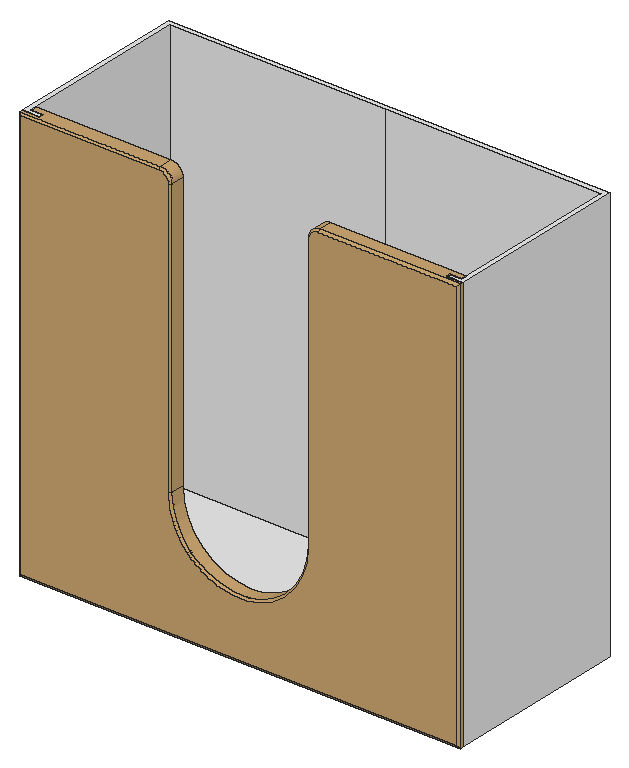
Revit family "Sanitary_Dispenser_Dandent_HDH100_Towel-Dispenser", category Furniture, Revit 2017
Family settings
  OmniClass Number = 23.40.70.11.14.21
  OmniClass Title = Health Care Furniture
  Work Plane-Based = No
  Always vertical = Yes
  Cut with Voids When Loaded = No
  Shared = No
  Room Calculation Point = No
Parameters (values of type "Towel dispenser - HDH100")
  WarrantyStartDate [instance] = "n/a"
  WarrantyGuarantorParts = "n/a"
  WarrantyGuarantorLabor = "n/a"
  WarrantyDurationUnit = "Year"
  WarrantyDurationParts = "n/a"
  WarrantyDurationLabor = "n/a"
  WarrantyDescription = "n/a"
  VersionDate = "12/09/2019"  # constant formula
  Version = "1"  # constant formula
  Uniclass2015Reference = "Pr_40_70_22_62"
  Uniclass2015Description = "Paper towel dispensers"
  Uniclass2 = "Pr_40_70_77_61"
  URL = "https://www.dandent.se/produkter/tillbehor"
  Type Comments = ""
  TagNumber [instance] = "n/a"
  SustainabilityPerformance = "n/a"
  Style = "n/a"
  Size = "265x113x250 mm"
  Shape = "Rectangular"
  SerialNumber [instance] = "n/a"
  Revision = "n/a"
  ReplacementCost = "n/a"
  ProductInformation = "n/a"
  Product data url = "https://www.bimobject.com/dandent/product/towel_holder_hdh100"
  NominalLength = 265 mm
  NominalHeight = 250 mm
  NominalDepth = 113 mm
  Name = "Dandent_HDH100_Towel-Dispenser"
  NBSReference = "45-35-72/344"
  NBSDescription = "Paper towel dispensers"
  ModelReference = "n/a"
  ModelNumber = "HDH100"
  Material = "Plastic, wood"
  ManufacturerURL = "https://www.dandent.se/"
  ManufacturerName = "Dandent"
  Model = "Towel dispenser - HDH100"
  Manufacturer = "Dandent"
  MainColor = "White"
  InstallationDate [instance] = "n/a"
  IfcExportType = "UNDEFINED"  # constant formula
  IfcExportAs = "IfcFurnitureType"  # constant formula
  Grade = "n/a"
  Finish = "Front in white or compact laminate wood. Available in beech, birch and oak."
  Features = "n/a"
  ExpectedLife = "n/a"
  DurationUnit = "Year"
  DispenserSecondaryMaterial = Plastic, Opaque White
  DispenserMainMaterial [instance] = Glue-Laminated Timber
  Cost = 0
  ConvergoRefNr = "0151-1909-0004-SE"
  Constituents = "n/a"
  Color = "White"
  CodePerformance = "n/a"
  Barcode [instance] = "n/a"
  AssetIdentifier [instance] = "n/a"
  Category = "Paper towel dispensers"
  Brand = "Dandent"
  BIMObjectName = "Sanitary_Dispenser_Dandent_HDH100_Towel-Dispenser"
  Author = "Convergo AB"  # constant formula
  AssetType = "Movable"
  AccessibilityPerformance = "n/a"
Reference planes
  plane 1 "Center (Front/Back)": y = 0
  plane 2: z = 0
  plane 3 "Center (Left/Right)": x = 0
  plane 4: x = -132.5
  plane 5: x = 132.5
  plane 6: y = 56.5
  plane 7: y = -56.5
  plane 8: z = 250
Dimensions and locks
  equal spacing: plane 4, plane 3 "Center (Left/Right)", plane 5
  "NominalLength": plane 4 to plane 5
  equal spacing: plane 6, plane 1 "Center (Front/Back)", plane 7
  "NominalDepth": plane 6 to plane 7
  "NominalHeight": plane 8 to level
  aligned and locked: level to plane 2
Nested families
  nested 1: "Handdukshållare, HDH100" at (0, 0, 0), Main <- "DispenserMainMaterial", Secondary <- "DispenserSecondaryMaterial", type "Handdukshållare, HDH100"
    with Secondary Plastic, Opaque White, Main Glue-Laminated Timber
Definition of nested family "Handdukshållare, HDH100"
  Parameters (values of type "Handdukshållare, HDH100")
    Secondary [instance] = none
    Main [instance] = none
  Reference planes
    plane 1 "Center (Front/Back)": y = 0
    plane 2: z = 0
    plane 3 "Center (Left/Right)": x = 0
    plane 4: x = -132.5
    plane 5: x = 132.5
    plane 6: z = 250
    plane 7: y = 56.5
    plane 8: y = -56.5
  Forms (mm)
    Extrusion 1, solid, material <- "Main", detail levels coarse
      sketch origin (0, 0, 0) x (1, 0, 0) y (0, 1, 0)
        loop
          line (-132.5, 56.5) -> (-132.5, -56.5) -> (132.5, -56.5) -> (132.5, 56.5) -> (-132.5, 56.5)
      from 0 to 250
    Extrusion 2, solid, material <- "Secondary", detail levels medium+fine
      sketch origin (0, 0, 0) x (1, 0, 0) y (0, 1, 0)
        loop
          line (-122.5, -51) -> (-129.5, -51) -> (-129.5, 53.5) -> (0, 53.5) -> (129.5, 53.5) -> (129.5, -51) -> (122.5, -51) -> (122.5, -53.5) -> (132.5, -53.5) -> (132.5, 56.5) -> (0, 56.5) -> (-132.5, 56.5) -> (-132.5, -53.5) -> (-122.5, -53.5) -> (-122.5, -51)
      from 0 to 250
    Extrusion 3, solid, material <- "Secondary", detail levels medium+fine
      sketch origin (0, 0, 0) x (1, 0, 0) y (0, 1, 0)
        loop
          line (-132.5, 56.5) -> (-132.5, -51) -> (132.5, -51) -> (132.5, 56.5) -> (-132.5, 56.5)
      from 0 to 3
    Extrusion 4, solid, material <- "Main", detail levels medium+fine
      sketch origin (0, 0, 0) x (1, 0, 0) y (0, 0, 1)
        loop
          line (-41, 77.053) -> (-41, 242.975)
          arc (-41, 242.975) -> (-43.058, 247.942) -> (-48.025, 250) r 7.025
          line (-48.025, 250) -> (-132.5, 250) -> (-132.5, 0) -> (132.5, 0) -> (132.5, 250) -> (48, 250)
          arc (48, 250) -> (43.05, 247.95) -> (41, 243) r 7
          line (41, 243) -> (41, 77.053)
          arc (41, 77.053) -> (0, 36.053) -> (-41, 77.053) r 41
      from 47.5 to 56.5
    Extrusion 5, void
      sketch origin (0, 0, 0) x (1, 0, 0) y (0, 1, 0)
        loop
          line (-135.383, -53.5) -> (-122.5, -53.5) -> (-122.5, -51) -> (-129.5, -51) -> (-129.5, -47.5) -> (-135.383, -47.5) -> (-135.383, -53.5)
        loop
          line (135.383, -53.5) -> (135.383, -47.5) -> (129.5, -47.5) -> (129.5, -51) -> (122.5, -51) -> (122.5, -53.5) -> (135.383, -53.5)
      from -80.15 to 392.931
    Sweep 6, void
      path in 3D
        loop
          line (-132.5, -56.5, 250) -> (-132.5, -56.5, 0) -> (132.5, -56.5, 0) -> (132.5, -56.5, 250) -> (48, -56.5, 250)
          arc (48, -56.5, 250) -> (43.05, -56.5, 247.95) -> (41, -56.5, 243) r 7
          line (41, -56.5, 243) -> (41, -56.5, 77.053)
          arc (41, -56.5, 77.053) -> (0, -56.5, 36.053) -> (-41, -56.5, 77.053) r 41
          line (-41, -56.5, 77.053) -> (-41, -56.5, 242.975)
          arc (-41, -56.5, 242.975) -> (-43.058, -56.5, 247.942) -> (-48.025, -56.5, 250) r 7.025
          line (-48.025, -56.5, 250) -> (-132.5, -56.5, 250)
      profile origin (-90.263, -56.5, 250) x (0, -1, 0) y (0, 0, 1)
        loop
          line (0.263, 0.249) -> (-1.503, 0.249) -> (0.263, -1.517) -> (0.263, 0.249)
  Cuts and joins
    joined: Extrusion 2, Extrusion 3
    Extrusion 5, Sweep 6 cuts Extrusion 4
  Lines and regions (mm)
    symbolic lines, detail levels medium+fine
      curve 1: line (-132.5, 0, 250) -> (-48.039, 0, 250)
      curve 2: line (-132.5, 0, 0) -> (-132.5, 0, 250)
      curve 3: line (132.5, 0, 0) -> (-132.5, 0, 0)
      curve 4: line (132.5, 0, 250) -> (132.5, 0, 0)
      curve 5: line (-41, 0, 77.053) -> (-41, 0, 242.961)
      curve 6: line (41, 0, 243) -> (41, 0, 77.053)
      curve 7: arc (41, 0, 77.053) -> (0, 0, 36.053) -> (-41, 0, 77.053) r 41
      curve 8: line (48, 0, 250) -> (132.5, 0, 250)
      curve 9: arc (-48.039, 0, 250) -> (-43.062, 0, 247.938) -> (-41, 0, 242.961) r 7.039
      curve 10: arc (41, 0, 243) -> (43.05, 0, 247.95) -> (48, 0, 250) r 7
      curve 11: line (0, -56.5, 0) -> (0, 56.5, 0)
      curve 12: line (0, -56.5, 250) -> (0, -56.5, 0)
      curve 13: line (0, 56.5, 250) -> (0, -56.5, 250)
      curve 14: line (0, 56.5, 0) -> (0, 56.5, 250)
      curve 16: line (-132.5, 56.5, 0) -> (132.5, 56.5, 0)
      curve 17: line (-132.5, -55.25, 0) -> (-132.5, 56.5, 0)
      curve 18: line (131.25, -56.5, 0) -> (-131.25, -56.5, 0)
      curve 36: line (-132.5, -55.25, 0) -> (-131.25, -56.5, 0)
      curve 42: line (132.5, -55.25, 0) -> (132.5, 56.5, 0)
      curve 48: line (132.5, -55.25, 0) -> (131.25, -56.5, 0)
    symbolic lines, detail levels fine
      curve 15: line (0, -47.5, 250) -> (0, -47.5, 0)
      curve 19: line (-129.5, -47.5, 0) -> (129.5, -47.5, 0)
      curve 20: line (-41, -48.75, 0) -> (-41, -55.25, 0)
      curve 21: line (-41, -55.25, 0) -> (-42.25, -56.5, 0)
      curve 22: line (-41, -48.75, 0) -> (-42.25, -47.5, 0)
      curve 33: line (-129.5, 53.5, 0) -> (129.5, 53.5, 0)
      curve 34: line (-129.5, -51, 0) -> (-129.5, 53.5, 0)
      curve 35: line (-129.5, -47.5, 0) -> (0, -47.5, 0)
      curve 37: line (-132.5, -55.25, 0) -> (0, -55.25, 0)
      curve 38: line (-132.5, -53.5, 0) -> (-122.5, -53.5, 0)
      curve 39: line (-122.5, -53.5, 0) -> (-122.5, -51, 0)
      curve 40: line (-122.5, -51, 0) -> (-129.5, -51, 0)
      curve 41: line (-129.5, -48.8, 0) -> (0, -48.8, 0)
      curve 43: line (41, -48.75, 0) -> (41, -55.25, 0)
      curve 44: line (41, -55.25, 0) -> (42.25, -56.5, 0)
      curve 45: line (41, -48.75, 0) -> (42.25, -47.5, 0)
      curve 46: line (129.5, -51, 0) -> (129.5, 53.5, 0)
      curve 47: line (129.5, -47.5, 0) -> (0, -47.5, 0)
      curve 49: line (132.5, -55.25, 0) -> (0, -55.25, 0)
      curve 50: line (132.5, -53.5, 0) -> (122.5, -53.5, 0)
      curve 51: line (122.5, -53.5, 0) -> (122.5, -51, 0)
      curve 52: line (122.5, -51, 0) -> (129.5, -51, 0)
      curve 53: line (129.5, -48.8, 0) -> (0, -48.8, 0)
    sketch lines
      curve 23: line (-48.025, -56.5, 250) -> (-132.5, -56.5, 250)
      curve 24: line (-132.5, -56.5, 250) -> (-132.5, -56.5, 0)
      curve 25: line (-132.5, -56.5, 0) -> (132.5, -56.5, 0)
      curve 26: arc (-48.025, -56.5, 250) -> (-43.058, -56.5, 247.942) -> (-41, -56.5, 242.975) r 7.025
      curve 27: line (-41, -56.5, 77.053) -> (-41, -56.5, 242.975)
      curve 28: arc (-41, -56.5, 77.053) -> (0, -56.5, 36.053) -> (41, -56.5, 77.053) r 41
      curve 29: line (41, -56.5, 243) -> (41, -56.5, 77.053)
      curve 30: arc (41, -56.5, 243) -> (43.05, -56.5, 247.95) -> (48, -56.5, 250) r 7
      curve 31: line (132.5, -56.5, 250) -> (48, -56.5, 250)
      curve 32: line (132.5, -56.5, 0) -> (132.5, -56.5, 250)
  Dimensions and locks
    aligned and locked: level to plane 2
